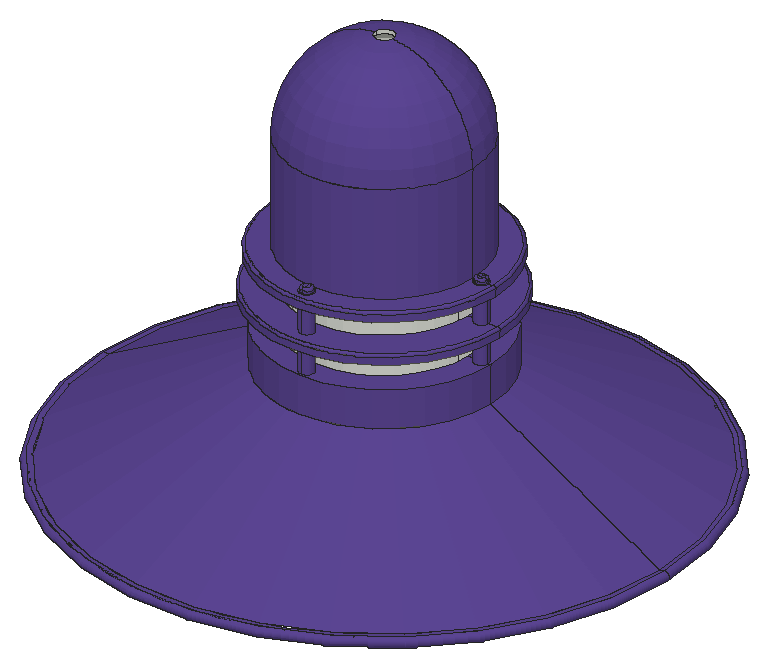
Revit family "UCR216 SHADE", category Lighting Fixtures, Revit 2024
Family settings
  Round Connector Dimension = Use Diameter
  Part Type = Normal
  OmniClass Number = 23.80.70.00
  OmniClass Title = Lighting
  Work Plane-Based = No
  Always vertical = Yes
  Cut with Voids When Loaded = No
  Light Source = Yes
  Maintain Annotation Orientation = No
  Shared = No
  Room Calculation Point = No
Parameters
  Wattage = 12.1178 W
  built-in parameter 1150110 = 1 (stored number, unit not read)
  built-in parameter 1114217 = 1 (stored number, unit not read)
  built-in parameter 1150109 = 1 (stored number, unit not read)
  built-in parameter 1150134 = (empty or 0)
  built-in parameter 1150113 = 1 (stored number, unit not read)
  Lumens = 1800 lm
  built-in parameter 1150115 = 1 (stored number, unit not read)
  built-in parameter 1150105 = 572.96 (stored number, unit not read)
  Light Source Symbol Size = 2' - 0"
  built-in parameter 1150137 = (empty or 0)
  built-in parameter 1150139 = (empty or 0)
  built-in parameter 1150112 = 1 (stored number, unit not read)
  built-in parameter 1150114 = 1 (stored number, unit not read)
  built-in parameter 1150132 = 2
  built-in parameter 1150102 = (empty or 0)
  built-in parameter 1150138 = (empty or 0)
  built-in parameter 1150107 = 3000 (stored number, unit not read)
  built-in parameter 1150106 = 5.7296 (stored number, unit not read)
  built-in parameter 1150104 = 13.8 (stored number, unit not read)
  Dimming Lamp Color Temperature Shift = (empty or 0)
  Default Elevation = 0' - 0"
  Color Filter = 16777215
  built-in parameter 1114218 = 1 (stored number, unit not read)
  built-in parameter 1150133 = 10 (stored number, unit not read)
Reference planes (in)
  plane 1 "Light Source Axis (F/B)": y = 0
  plane 2: z = 0
  plane 3 "Light Source Axis (L/R)": x = 0
  plane 4 "Light Source Elevation": z = 54
Forms (in)
  Revolve 1, solid
    sketch origin (0, 0, 0) x (1, 0, 0) y (0, 0, 1)
      loop
        line (-7.74025, 54.25) -> (-7.875, 54.25)
        arc (-7.875, 54.25) -> (-7.95852, 54.032) -> (-7.75072, 54.13838) r 0.125
        line (-7.75072, 54.13838) -> (-2.90625, 56.70327) -> (-2.90625, 57.64228) -> (-2.36335, 57.64228) -> (-2.36335, 57.73603) -> (-3, 57.73603) -> (-3, 56.75972) -> (-7.74025, 54.25)
      loop
        line (-3.25, 58.5) -> (-3.15625, 58.5) -> (-3.15625, 58.65625) -> (-2.36335, 58.65625) -> (-2.36335, 58.75) -> (-3.1875, 58.75)
        arc (-3.1875, 58.75) -> (-3.23169, 58.73169) -> (-3.25, 58.6875) r 0.0625
        line (-3.25, 58.6875) -> (-3.25, 58.5)
      loop
        line (-3.125, 59.5) -> (-3.03125, 59.5) -> (-3.03125, 59.65625) -> (-2.40625, 59.65625) -> (-2.40625, 62.5)
        arc (-2.40625, 62.5) -> (-1.78768, 64.11066) -> (-0.25, 64.89323) r 2.40625
        line (-0.25, 64.89323) -> (-0.25, 64.98747)
        arc (-0.25, 64.98747) -> (-1.85405, 64.17705) -> (-2.5, 62.5) r 2.5
        line (-2.5, 62.5) -> (-2.5, 59.75) -> (-3.0625, 59.75)
        arc (-3.0625, 59.75) -> (-3.10669, 59.73169) -> (-3.125, 59.6875) r 0.0625
        line (-3.125, 59.6875) -> (-3.125, 59.5)
      loop
        line (-2.1, 60.33544) -> (-2.1, 55.0153)
        arc (-2.1, 55.0153) -> (-1.48492, 53.53037) -> (0, 52.9153) r 2.1
        line (0, 52.9153) -> (0, 53.00905)
        arc (0, 53.00905) -> (-1.41863, 53.59666) -> (-2.00625, 55.0153) r 2.00625
        line (-2.00625, 55.0153) -> (-2.00625, 60.33544) -> (-2.1, 60.33544)
      axis (0, 64.98747) -> (0, 52.9153)
    angle from 0 to 360
  Sweep 2, solid
    path origin (0, 0, 1.125) x (1, 0, 0) y (0, 0, 1)
      loop
        line (-2.72529, 56.61103) -> (-2.72529, 58.625)
    profile origin (-2.72529, 0, 58.74301) x (-1, 0, 0) y (0, -1, 0)
      loop
        circle (0, 0) r 0.1875
  Revolve 3, solid
    sketch origin (0, 0, 1.125) x (1, 0, 0) y (0, 0, 1)
      loop
        line (-2.72529, 58.625) -> (-2.72529, 58.73904) -> (-2.82891, 58.73904)
        arc (-2.82891, 58.73904) -> (-2.86416, 58.72444) -> (-2.87875, 58.6892) r 0.04984
        line (-2.87875, 58.6892) -> (-2.87875, 58.625) -> (-2.72529, 58.625)
      axis (-2.72529, 58.73904) -> (-2.72529, 58.625)
    angle from 0 to 360
  Sweep 4, solid
    path origin (0, 0, 1.125) x (0, -1, 0) y (0, 0, 1)
      loop
        line (-2.72529, 56.61103) -> (-2.72529, 58.625)
    profile origin (0, 2.72529, 58.74301) x (0, 1, 0) y (-1, 0, 0)
      loop
        circle (0, 0) r 0.1875
  Revolve 5, solid
    sketch origin (0, 0, 1.125) x (0, -1, 0) y (0, 0, 1)
      loop
        line (-2.72529, 58.625) -> (-2.72529, 58.73904) -> (-2.82891, 58.73904)
        arc (-2.82891, 58.73904) -> (-2.86416, 58.72444) -> (-2.87875, 58.6892) r 0.04984
        line (-2.87875, 58.6892) -> (-2.87875, 58.625) -> (-2.72529, 58.625)
      axis (-2.72529, 58.73904) -> (-2.72529, 58.625)
    angle from 0 to 360
  Sweep 6, solid
    path origin (0, 0, 1.125) x (0, 1, 0) y (0, 0, 1)
      loop
        line (-2.72529, 56.61103) -> (-2.72529, 58.625)
    profile origin (0, -2.72529, 58.74301) x (0, -1, 0) y (1, 0, 0)
      loop
        circle (0, 0) r 0.1875
  Revolve 7, solid
    sketch origin (0, 0, 1.125) x (0, 1, 0) y (0, 0, 1)
      loop
        line (-2.72529, 58.625) -> (-2.72529, 58.73904) -> (-2.82891, 58.73904)
        arc (-2.82891, 58.73904) -> (-2.86416, 58.72444) -> (-2.87875, 58.6892) r 0.04984
        line (-2.87875, 58.6892) -> (-2.87875, 58.625) -> (-2.72529, 58.625)
      axis (-2.72529, 58.73904) -> (-2.72529, 58.625)
    angle from 0 to 360
  Sweep 8, solid
    path origin (0, 0, 1.125) x (-1, 0, 0) y (0, 0, 1)
      loop
        line (-2.72529, 56.61103) -> (-2.72529, 58.625)
    profile origin (2.72529, 0, 58.74301) x (1, 0, 0) y (0, 1, 0)
      loop
        circle (0, 0) r 0.1875
  Revolve 9, solid
    sketch origin (0, 0, 1.125) x (-1, 0, 0) y (0, 0, 1)
      loop
        line (-2.72529, 58.625) -> (-2.72529, 58.73904) -> (-2.82891, 58.73904)
        arc (-2.82891, 58.73904) -> (-2.86416, 58.72444) -> (-2.87875, 58.6892) r 0.04984
        line (-2.87875, 58.6892) -> (-2.87875, 58.625) -> (-2.72529, 58.625)
      axis (-2.72529, 58.73904) -> (-2.72529, 58.625)
    angle from 0 to 360
Dimensions and locks (in)
  aligned and locked: plane 3 "Light Source Axis (L/R)" to imposter light
  aligned and locked: plane 1 "Light Source Axis (F/B)" to imposter light
  aligned and locked: plane 4 "Light Source Elevation" to imposter light
  aligned and locked: level to plane 2
